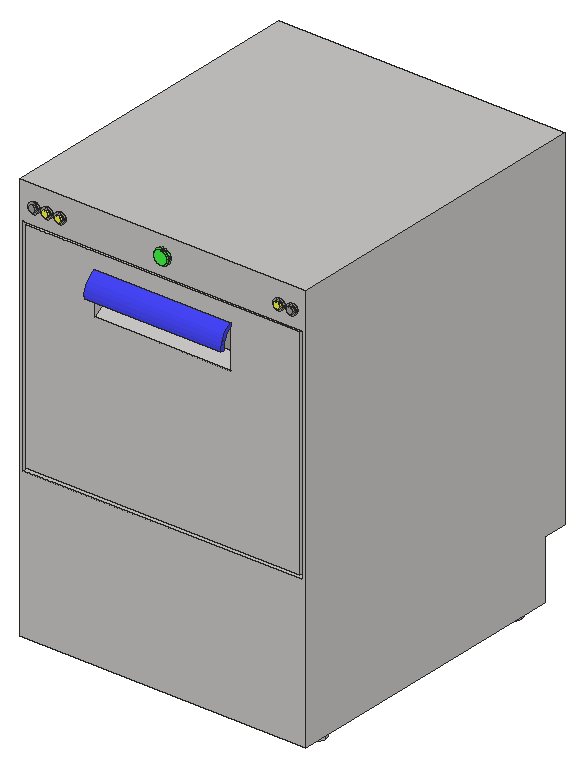
Revit family "QF_ZANUSSI_402279_ZXSG", category Specialty Equipment, Revit 2018
Family settings
  Round Connector Dimension = Use Diameter
  Part Type = Normal
  Work Plane-Based = No
  Always vertical = Yes
  Cut with Voids When Loaded = No
  Shared = No
  Room Calculation Point = No
Parameters
  Weight = 35.00 kg
  Watts = 0 W
  Volts = 0 V
  URL Manufacturer = ""
  URL = "http://professional.electrolux.com/"
  Steam Supply Size = 0 mm
  Steam Supply Minimum Pressure = 0.0 Pa
  Steam Supply Maximum Pressure = 0.0 Pa
  Steam Pounds per Hour = 0
  Show Logo [instance] = yes
  Show Clearance [instance] = yes
  Refrigeration Suction Line Size = 0 mm
  Refrigeration Liquid Line Size = 0 mm
  Refrigerant Compressor Remote = yes
  Manufacturer = ""
  Phase = 0
  Model = ""
  Length Actual = 440 mm  # constant formula
  Item Number = ""
  Hot Water Size = 0 mm
  Height Actual = 640 mm  # constant formula
  HP = "3.6 HP"
  Gas Size = 0 mm
  Gas KW = 0
  Gas Input Pressure = 0 W
  Direct Waste Size = 29 mm
  Description = ""
  Depth Actual = 497 mm  # constant formula
  Cycle = 0 Hz
  Condensate Return Size = 0 mm
  Compressed Air Volume = 0.0 L/s
  Compressed Air Size = 0 mm
  Compressed Air Pressure = 0.0 Pa
  Cold Water Size = 0 mm
  Accessory = yes
Types (2, lengths in mm): name | Volts | URL Manufacturer | URL | Manufacturer | Phase | Model | Item Number | Description | Cycle | Cold Water Size
  (no name) | 0 V | "" | "http://professional.electrolux.com/" | "" | 0 | "" | "" | "" | 0 Hz | 0
  Standard | 220 V | "http://professional.electrolux.com" | "http://professional.electrolux.com" | "Electrolux Professional" | 1 | "EXSG" | "402275" | "GLASSWASHER(XS), SINGLE SKIN, DRAIN PUMP, DETERGENT DISPENSER, 30B/H" | 50 Hz | 19.05
Reference planes
  plane 1 "Center (Front/Back)": y = 0
  plane 2: z = 0
  plane 3 "Center (Left/Right)": x = 0
  plane 4 "LEFT": x = -220
  plane 5 "RIGHT": x = 220
  plane 6 "FRONT": y = -248.5
  plane 7 "BACK": y = 248.5
  plane 8: z = 640
  plane 9: z = 10
  plane 10: y = 209.5
Forms (mm)
  Extrusion 1, solid, material "QF_Finishes_Stainless Steel"
    sketch origin (0, 0, 0) x (1, 0, 0) y (0, 1, 0)
      loop
        line (-220, -248.5) -> (220, -248.5) -> (220, 209.5) -> (-220, 209.5) -> (-220, -248.5)
    from 10 to 640
  Extrusion 2, solid, material "QF_Finishes_Stainless Steel"
    sketch origin (0, 0, 0) x (1, 0, 0) y (0, 1, 0)
      loop
        line (-220, 209.5) -> (220, 209.5) -> (220, 248.5) -> (-220, 248.5) -> (-220, 209.5)
    from 100 to 640
  Extrusion 3, solid, material "QF_Finishes_Stainless Steel"
    sketch origin (0, 0, 0) x (1, 0, 0) y (0, 1, 0)
      loop
        circle (-200.5, 174.5) r 12.5
      loop
        circle (200.5, 174.5) r 12.5
      loop
        circle (-200.5, -201.5) r 12.5
      loop
        circle (200.5, -201.5) r 12.5
    from 0 to 10
  Extrusion 4, void
    sketch origin (-220, -248.5, 0) x (-1, 0, 0) y (0, 0, 1)
      loop
        line (-5, 583.217) -> (-435, 583.217) -> (-435, 240) -> (-5, 240) -> (-5, 583.217)
    from 0 to 30
  Extrusion 5, solid, material "QF_Finishes_Stainless Steel"
    sketch origin (-155, -431, 752) x (0, 0, -1) y (1, 0, 0)
      loop
        circle (693, 223) r 10
    from -640.5 to -679.5
  Extrusion 6, solid, material "QF_Door-Drawer Clearances", visible <- "Show Clearance", detail levels coarse
    sketch origin (-230, -282.5, 0) x (0, 1, 0) y (0, 0, -1)
      loop
        line (34, -245) -> (-259, -245)
        arc (-259, -245) -> (-178.223, -469.983) -> (34, -580) r 327.223
        line (34, -580) -> (34, -245)
    from -20 to -440
  Extrusion 7, solid, material "QF_Finishes_Stainless Steel"
    sketch origin (-434.481, -431, 722) x (0, 0, -1) y (1, 0, 0)
      loop
        circle (663, 332.481) r 8
    from -640.5 to -679.5
  Extrusion 8, solid, material "QF_Finishes_Stainless Steel"
    sketch origin (-230, -282.5, 0) x (0, 1, 0) y (0, 0, -1)
      loop
        line (34, -245) -> (34, -580) -> (59, -580) -> (59, -245) -> (34, -245)
    from -19.799 to -440
  Extrusion 9, solid, material "QF_Finishes_Stainless Steel"
    sketch origin (-275, -431, 682.5) x (0, 0, -1) y (1, 0, 0)
      loop
        circle (663, 238) r 8
    from -640.5 to -679.5
  Extrusion 10, solid, material "QF_Finishes_Green"
    sketch origin (-230, -248.5, 0) x (1, 0, 0) y (0, 0, 1)
      loop
        circle (230, 610.819) r 12
      loop
        circle (230, 610.819) r 10
    from 0 to 2.5
  Extrusion 11, void
    sketch origin (-225.452, 209.5, 42.5) x (0, 1, 0) y (0, 0, 1)
      loop
        line (-458, 508.217) -> (-458, 447.5) -> (-436.349, 460) -> (-458, 508.217)
    from 120.452 to 330.452
  Extrusion 12, solid, material "QF_Finishes_Blue"
    sketch origin (-220, 209.5, 0) x (0, -1, 0) y (0, 0, 1)
      loop
        line (458, 555.863) -> (458, 550.513)
        arc (458, 550.513) -> (469.966, 539.801) -> (472.861, 524.005) r 24.803
        line (472.861, 524.005) -> (477.907, 524.005)
        arc (477.907, 524.005) -> (473.605, 543.465) -> (458, 555.863) r 29.803
    from -325 to -115
  Extrusion 13, solid, material "QF_Finishes_Green"
    sketch origin (234, -248.5, -28.75) x (-1, 0, 0) y (0, 0, -1)
      loop
        circle (234, -639.569) r 10
    from 0 to 5
  Extrusion 14, solid, material "QF_Finishes_Gray"
    sketch origin (109.577, -248.5, -30.575) x (-1, 0, 0) y (0, 0, -1)
      loop
        circle (306.936, -638.972) r 5
    from 0 to 5
  Extrusion 15, solid, material "QF_Finishes_Gray"
    sketch origin (-63.82, -248.5, -35.2) x (1, 0, 0) y (0, 0, 1)
      loop
        circle (262.936, 643.347) r 8
      loop
        circle (262.936, 643.347) r 5
      loop
        circle (242.936, 643.347) r 8
      loop
        circle (242.936, 643.347) r 5
    from 0 to 2.5
  Extrusion 16, solid, material "QF_Finishes_Gray"
    sketch origin (-87.82, -248.5, -30.825) x (1, 0, 0) y (0, 0, 1)
      loop
        circle (286.936, 638.972) r 5
    from 0 to 5
  Extrusion 17, solid, material "QF_Finishes_Gray"
    sketch origin (85.577, -248.5, -34.95) x (-1, 0, 0) y (0, 0, -1)
      loop
        circle (262.936, -643.347) r 8
      loop
        circle (262.936, -643.347) r 5
      loop
        circle (242.936, -643.347) r 8
      loop
        circle (242.936, -643.347) r 5
      loop
        circle (282.936, -643.347) r 8
      loop
        circle (282.936, -643.347) r 5
    from 0 to 2.5
  Extrusion 18, solid, material "QF_Finishes_Yellow"
    sketch origin (129.577, -248.5, -30.575) x (-1, 0, 0) y (0, 0, -1)
      loop
        circle (306.936, -638.972) r 5
    from 0 to 5
  Extrusion 19, solid, material "QF_Finishes_Yellow"
    sketch origin (149.577, -248.5, -30.575) x (-1, 0, 0) y (0, 0, -1)
      loop
        circle (306.936, -638.972) r 5
    from 0 to 5
  Extrusion 20, solid, material "QF_Finishes_Yellow"
    sketch origin (486.051, -248.5, -30.825) x (-1, 0, 0) y (0, 0, -1)
      loop
        circle (306.936, -638.972) r 5
    from 0 to 5
Cuts and joins
  Extrusion 4 cuts Extrusion 1
  joined: Extrusion 1, Extrusion 2
  Extrusion 11 cuts Extrusion 8
Lines and regions (mm)
  Split face 1
    outline origin (-220, -248.5, 640) x (0, 0, -1) y (1, 0, 0)
      loop
        line (56.783, 5) -> (56.783, 0)
      loop
        line (56.783, 435) -> (56.783, 440)
      loop
        line (22.034, 440) -> (22.034, 369.297)
        arc (22.034, 369.297) -> (22.64, 366.25) -> (24.366, 363.667) r 7.962
        line (24.366, 363.667) -> (44.289, 343.744)
        arc (44.289, 343.744) -> (46.135, 340.982) -> (46.783, 337.723) r 8.515
        line (46.783, 337.723) -> (46.783, 239.844)
        arc (46.783, 239.844) -> (46.096, 238.186) -> (44.439, 237.5) r 2.344
        line (44.439, 237.5) -> (15.017, 237.5)
        arc (15.017, 237.5) -> (12.73, 236.553) -> (11.783, 234.266) r 3.234
        line (11.783, 234.266) -> (11.783, 220) -> (11.783, 205.734)
        arc (11.783, 205.734) -> (12.73, 203.447) -> (15.017, 202.5) r 3.234
        line (15.017, 202.5) -> (44.439, 202.5)
        arc (44.439, 202.5) -> (46.096, 201.814) -> (46.783, 200.156) r 2.344
        line (46.783, 200.156) -> (46.783, 102.277)
        arc (46.783, 102.277) -> (46.135, 99.018) -> (44.289, 96.256) r 8.515
        line (44.289, 96.256) -> (24.366, 76.333)
        arc (24.366, 76.333) -> (22.64, 73.75) -> (22.034, 70.703) r 7.962
        line (22.034, 70.703) -> (22.034, 0)
  symbolic lines
    curve 1: line (-220, 248.5, 0) -> (220, 248.5, 0)
    curve 2: line (-220, -248.5, 0) -> (-220, 248.5, 0)
    curve 3: line (220, -248.5, 0) -> (-220, -248.5, 0)
    curve 4: line (220, 248.5, 0) -> (220, -248.5, 0)
    curve 8: line (-12, -251, 0) -> (12, -251, 0)
    curve 9: line (12, -251, 0) -> (12, -248.5, 0)
    curve 10: line (-12, -251, 0) -> (-12, -248.5, 0)
    curve 11: line (-10, -253.5, 0) -> (10, -253.5, 0)
    curve 12: line (10, -253.5, 0) -> (10, -251, 0)
    curve 13: line (-10, -253.5, 0) -> (-10, -251, 0)
    curve 16: line (-205.359, -251, 0) -> (-205.359, -248.5, 0)
    curve 17: line (-189.368, -251, 0) -> (-189.368, -248.5, 0)
    curve 18: line (-202.346, -253.5, 0) -> (-192.355, -253.5, 0)
    curve 19: line (-192.355, -253.5, 0) -> (-192.355, -251, 0)
    curve 20: line (-202.346, -253.5, 0) -> (-202.346, -251, 0)
    curve 21: line (-185.355, -251, 0) -> (-169.355, -251, 0)
    curve 22: line (-169.355, -251, 0) -> (-169.355, -248.5, 0)
    curve 23: line (-185.355, -251, 0) -> (-185.355, -248.5, 0)
    curve 24: line (-182.355, -253.5, 0) -> (-172.355, -253.5, 0)
    curve 25: line (-172.355, -253.5, 0) -> (-172.355, -251, 0)
    curve 26: line (-182.355, -253.5, 0) -> (-182.355, -251, 0)
    curve 27: line (-165.355, -251, 0) -> (-149.355, -251, 0)
    curve 28: line (-149.355, -251, 0) -> (-149.355, -248.5, 0)
    curve 29: line (-165.355, -251, 0) -> (-165.355, -248.5, 0)
    curve 30: line (-162.355, -253.5, 0) -> (-152.355, -253.5, 0)
    curve 31: line (-152.355, -253.5, 0) -> (-152.355, -251, 0)
    curve 32: line (-162.355, -253.5, 0) -> (-162.355, -251, 0)
    curve 33: line (171.115, -251, 0) -> (187.115, -251, 0)
    curve 34: line (187.115, -251, 0) -> (187.115, -248.5, 0)
    curve 35: line (174.115, -253.5, 0) -> (184.115, -253.5, 0)
    curve 36: line (184.115, -253.5, 0) -> (184.115, -251, 0)
    curve 37: line (174.115, -253.5, 0) -> (174.115, -251, 0)
    curve 38: line (171.115, -251, 0) -> (171.115, -248.5, 0)
    curve 39: line (191.115, -251, 0) -> (207.115, -251, 0)
    curve 40: line (207.115, -251, 0) -> (207.115, -248.5, 0)
    curve 41: line (194.115, -253.5, 0) -> (204.115, -253.5, 0)
    curve 42: line (204.115, -253.5, 0) -> (204.115, -251, 0)
    curve 43: line (194.115, -253.5, 0) -> (194.115, -251, 0)
    curve 44: line (191.115, -251, 0) -> (191.115, -248.5, 0)
    curve 45: line (-105, -248.5, 0) -> (-105, -268.634, 0)
    curve 46: line (105, -248.5, 0) -> (105, -268.634, 0)
    curve 47: line (105, -268.634, 0) -> (-105, -268.634, 0)
  symbolic lines, style "QF_Door-Drawer Clearances"
    curve 5: line (-210, -541.5, 0) -> (210, -541.5, 0)
    curve 6: line (210, -541.5, 0) -> (210, -248.5, 0)
    curve 7: line (-210, -541.5, 0) -> (-210, -248.5, 0)
  symbolic lines, style "SpecialityEquipmentHiddenLines"
    curve 14: line (-220, 209.5, 0) -> (220, 209.5, 0)
  symbolic lines, style "SpecialityEquipment"
    curve 15: line (-205.359, -251, 0) -> (-189.368, -251, 0)
Dimensions and locks
  equal spacing: plane 4 "LEFT", plane 3 "Center (Left/Right)", plane 5 "RIGHT"
  equal spacing: plane 7 "BACK", plane 1 "Center (Front/Back)", plane 6 "FRONT"
  plane 7 "BACK" to plane 6 "FRONT" = 497 mm
  plane 4 "LEFT" to plane 5 "RIGHT" = 440 mm
  locked: plane 9 to level at 10
  plane 4 "LEFT" to plane 3 "Center (Left/Right)" = 220 mm
  plane 8 to level = 640 mm  (x2)
  level to Extrusion 9 sketch curve = 19.5 mm
  Extrusion 9 sketch curve to plane 4 "LEFT" = 183 mm
  level to Extrusion 5 sketch curve = 59 mm
  Extrusion 5 sketch curve to plane 4 "LEFT" = 288 mm
  Extrusion 7 sketch curve to plane 4 "LEFT" = 118 mm
  level to Extrusion 7 sketch curve = 59 mm
  Extrusion 3 to cut or joined group of Extrusion 1, Extrusion 2, Extrusion 4 = 74 mm
  Extrusion 3 to Extrusion 3 = 376 mm
  plane 6 "FRONT" to Extrusion 3 = 47 mm
  plane 1 "Center (Front/Back)" to plane 6 "FRONT" = 248.5 mm
  locked: plane 7 "BACK" to plane 10 at 39
  plane 6 "FRONT" to curve 5 = 293 mm
  Extrusion 8 to cut or joined group of Extrusion 1, Extrusion 2, Extrusion 4 = 340 mm
  aligned and locked: level to plane 2
  aligned and locked: Extrusion 1 sketch curve to plane 6 "FRONT"
  aligned and locked: Extrusion 1 sketch curve to plane 4 "LEFT"
  aligned and locked: plane 5 "RIGHT" to Extrusion 1 sketch curve
  aligned and locked: Extrusion 1 to plane 9
  aligned and locked: Extrusion 2 sketch curve to Extrusion 1
  aligned and locked: plane 7 "BACK" to Extrusion 2 sketch curve
  aligned and locked: plane 5 "RIGHT" to Extrusion 2 sketch curve
  aligned and locked: plane 9 to Extrusion 3
  aligned and locked: cut or joined group of Extrusion 1, Extrusion 2, Extrusion 4 to plane 10
Automatic sketch dimensions
  Extrusion 11 sketch curve to plane 6 "FRONT" = 0 mm
  plane 6 "FRONT" to Extrusion 11 sketch curve = 21.651 mm
  Extrusion 11 sketch curve to plane 8 = 150 mm
  Extrusion 11 sketch curve to Extrusion 11 sketch curve = 12.5 mm
  Extrusion 11 sketch curve to Extrusion 11 sketch curve = 48.217 mm
  Extrusion 13 sketch curve to Extrusion 13 sketch curve = 0 mm  (x2)
  Extrusion 13 sketch curve to plane 3 "Center (Left/Right)" = 0 mm
  Extrusion 13 sketch curve to plane 8 = 29.181 mm
  plane 3 "Center (Left/Right)" to Extrusion 13 sketch curve = 10 mm
  Extrusion 14 sketch curve to Extrusion 14 sketch curve = 0 mm  (x2)
  Extrusion 14 sketch curve to plane 8 = 31.603 mm
  Extrusion 14 sketch curve to plane 3 "Center (Left/Right)" = 197.359 mm
  Extrusion 14 sketch curve to Extrusion 14 sketch curve = 5 mm
  Extrusion 15 sketch curve to Extrusion 15 sketch curve = 0 mm  (x5)
  plane 3 "Center (Left/Right)" to Extrusion 15 sketch curve = 179.115 mm
  Extrusion 15 sketch curve to Extrusion 15 sketch curve = 20 mm
  Extrusion 15 sketch curve to plane 8 = 31.853 mm
  Extrusion 16 sketch curve to plane 8 = 31.853 mm
  plane 3 "Center (Left/Right)" to Extrusion 16 sketch curve = 199.115 mm
  Extrusion 16 sketch curve to Extrusion 16 sketch curve = 5 mm
  Extrusion 17 sketch curve to Extrusion 17 sketch curve = 0 mm  (x8)
  Extrusion 17 sketch curve to plane 3 "Center (Left/Right)" = 157.359 mm
  Extrusion 17 sketch curve to Extrusion 17 sketch curve = 20 mm  (x2)
  Extrusion 17 sketch curve to plane 8 = 31.603 mm
  Extrusion 18 sketch curve to Extrusion 18 sketch curve = 0 mm  (x2)
  Extrusion 18 sketch curve to plane 8 = 31.603 mm
  Extrusion 18 sketch curve to plane 3 "Center (Left/Right)" = 177.359 mm
  Extrusion 18 sketch curve to Extrusion 18 sketch curve = 5 mm
  Extrusion 19 sketch curve to Extrusion 19 sketch curve = 0 mm  (x2)
  Extrusion 19 sketch curve to plane 3 "Center (Left/Right)" = 157.359 mm
  Extrusion 19 sketch curve to plane 8 = 31.603 mm
  Extrusion 19 sketch curve to Extrusion 19 sketch curve = 5 mm
  Extrusion 20 sketch curve to Extrusion 20 sketch curve = 0 mm  (x2)
  plane 3 "Center (Left/Right)" to Extrusion 20 sketch curve = 179.115 mm
  Extrusion 20 sketch curve to plane 8 = 31.853 mm
  Extrusion 20 sketch curve to Extrusion 20 sketch curve = 5 mm
  Extrusion 6 sketch curve to plane 6 "FRONT" = 0 mm
  Extrusion 6 sketch curve to plane 6 "FRONT" = 293 mm
  plane 6 "FRONT" to Extrusion 6 sketch curve = 34.083 mm
  Extrusion 6 sketch curve to plane 8 = 60 mm
  level to Extrusion 6 sketch curve = 254.557 mm
  Extrusion 1 sketch curve to plane 10 = 0 mm
  Extrusion 2 sketch curve to plane 10 = 0 mm
  plane 4 "LEFT" to Extrusion 3 sketch curve = 19.5 mm  (x2)
  Extrusion 3 sketch curve to plane 5 "RIGHT" = 19.5 mm  (x2)
  plane 6 "FRONT" to Extrusion 3 sketch curve = 47 mm  (x2)
  Extrusion 3 sketch curve to plane 10 = 35 mm  (x2)
  Extrusion 4 sketch curve to Extrusion 1 = 5 mm  (x2)
  Extrusion 4 sketch curve to Extrusion 1 = 230 mm
  Extrusion 4 sketch curve to Extrusion 1 = 56.783 mm
  Extrusion 8 sketch curve to plane 6 "FRONT" = 0 mm
  Extrusion 8 sketch curve to Extrusion 8 sketch curve = 25 mm
  Extrusion 8 sketch curve to plane 8 = 60 mm
  plane 9 to Extrusion 8 sketch curve = 235 mm
  Extrusion 10 sketch curve to Extrusion 10 sketch curve = 0 mm  (x2)
  Extrusion 1 to Extrusion 10 sketch curve = 29.181 mm
  Extrusion 1 to Extrusion 10 sketch curve = 220 mm
  Extrusion 12 sketch curve to Extrusion 12 sketch curve = 0 mm  (x2)
  Extrusion 12 sketch curve to Extrusion 1 = 0 mm
  Extrusion 12 sketch curve to Extrusion 1 = 9.669 mm
  Extrusion 1 to Extrusion 12 sketch curve = 14.861 mm
  Extrusion 12 sketch curve to Extrusion 12 sketch curve = 5.046 mm
  Extrusion 1 to Extrusion 12 sketch curve = 115.995 mm
  Extrusion 12 sketch curve to Extrusion 12 sketch curve = 3.668 mm
  cut or joined group of Extrusion 1, Extrusion 2, Extrusion 4 to Split face 1 sketch curve = 0 mm  (x2)
  Split face 1 sketch curve to cut or joined group of Extrusion 1, Extrusion 2, Extrusion 4 = 0 mm  (x6)
  cut or joined group of Extrusion 1, Extrusion 2, Extrusion 4 to Split face 1 sketch curve = 10 mm  (x2)
  Split face 1 sketch curve to Split face 1 sketch curve = 2.344 mm  (x2)
  Split face 1 sketch curve to Split face 1 sketch curve = 2.494 mm  (x2)
  Split face 1 sketch curve to Split face 1 sketch curve = 8.515 mm  (x2)
  cut or joined group of Extrusion 1, Extrusion 2, Extrusion 4 to Split face 1 sketch curve = 26.786 mm  (x2)
  Split face 1 sketch curve to Split face 1 sketch curve = 5.63 mm  (x2)
  Split face 1 sketch curve to Split face 1 sketch curve = 2.332 mm  (x2)
  Split face 1 sketch curve to cut or joined group of Extrusion 1, Extrusion 2, Extrusion 4 = 15.017 mm  (x2)
  Split face 1 sketch curve to cut or joined group of Extrusion 1, Extrusion 2, Extrusion 4 = 11.783 mm
  Split face 1 sketch curve to cut or joined group of Extrusion 1, Extrusion 2, Extrusion 4 = 65.703 mm
  Split face 1 sketch curve to Split face 1 sketch curve = 19.923 mm  (x2)
  Split face 1 sketch curve to Split face 1 sketch curve = 97.879 mm
  Split face 1 sketch curve to Split face 1 sketch curve = 14.266 mm  (x2)
  Split face 1 sketch curve to cut or joined group of Extrusion 1, Extrusion 2, Extrusion 4 = 97.277 mm
  curve 1 to plane 4 "LEFT" = 0 mm
  curve 7 to plane 6 "FRONT" = 0 mm
  curve 3 to plane 5 "RIGHT" = 0 mm
  curve 14 to plane 10 = 0 mm
  curve 2 to plane 7 "BACK" = 0 mm
  plane 4 "LEFT" to curve 5 = 10 mm
  curve 15 to plane 6 "FRONT" = 2.5 mm
  curve 7 to curve 15 = 4.641 mm
  curve 15 to curve 20 = 3.013 mm
  curve 18 to curve 18 = 9.991 mm
  curve 19 to curve 15 = 2.987 mm
  curve 15 to curve 21 = 4.013 mm
  curve 21 to curve 26 = 3 mm
  curve 24 to plane 6 "FRONT" = 5 mm
  curve 24 to curve 24 = 10 mm
  curve 25 to curve 22 = 3 mm
  curve 21 to curve 29 = 4 mm
  curve 27 to curve 32 = 3 mm
  curve 31 to plane 6 "FRONT" = 5 mm
  curve 30 to curve 31 = 10 mm
  curve 31 to curve 27 = 3 mm
  curve 8 to plane 6 "FRONT" = 2.5 mm
  curve 8 to plane 3 "Center (Left/Right)" = 12 mm
  curve 8 to curve 11 = 2 mm
  plane 3 "Center (Left/Right)" to curve 12 = 10 mm
  curve 12 to curve 9 = 2 mm
  curve 33 to plane 6 "FRONT" = 2.5 mm
  curve 33 to plane 5 "RIGHT" = 48.885 mm
  curve 33 to curve 37 = 3 mm
  curve 35 to plane 6 "FRONT" = 5 mm
  curve 35 to curve 35 = 10 mm
  curve 36 to curve 34 = 3 mm
  curve 33 to curve 39 = 4 mm
  curve 39 to curve 43 = 3 mm
  curve 42 to plane 6 "FRONT" = 5 mm
  curve 41 to curve 42 = 10 mm
  curve 42 to curve 39 = 3 mm
  curve 6 to plane 5 "RIGHT" = 10 mm
  curve 11 to curve 13 = 2.5 mm
  curve 20 to curve 20 = 2.5 mm
  curve 44 to plane 6 "FRONT" = 2.5 mm
  curve 21 to plane 6 "FRONT" = 2.5 mm
  curve 27 to plane 6 "FRONT" = 2.5 mm
  curve 27 to curve 45 = 44.355 mm
  curve 46 to plane 6 "FRONT" = 20.134 mm
  curve 46 to curve 33 = 66.115 mm
  radius of Extrusion 5 sketch curve = 10 mm
  radius of Extrusion 7 sketch curve = 8 mm
  radius of Extrusion 9 sketch curve = 8 mm
  radius of Extrusion 15 sketch curve = 8 mm  (x2)
  radius of Extrusion 15 sketch curve = 5 mm  (x2)
  radius of Extrusion 17 sketch curve = 8 mm  (x3)
  radius of Extrusion 17 sketch curve = 5 mm  (x3)
  radius of Extrusion 3 sketch curve = 12.5 mm  (x4)
  radius of Extrusion 10 sketch curve = 12 mm
  radius of Extrusion 10 sketch curve = 10 mm
Connectors
  piping at (68, 248.5, 59), diameter 20
    settings: on Extrusion 5, index 1, connector inside diameter 609.6 mm, connector length 0 mm, flow factor 0, pipe flow 0.0 L/s, pressure drop 0.0 Pa, fitting loss kfactor 0, connector angle 0.00°, fixture units 0, engagement length 0 mm, angle of deflection 0.00°, flow configuration 1, flow direction 1, fitting loss method 0, system type 16, joint type 0, gender type 0, connector reference index -1, connector utility 0, adjustable connector no, is connector primary yes, connector description "Drain"
  piping at (-102, 248.5, 59), driven by "Cold Water Size"
    settings: on Extrusion 7, index 3, connector diameter 0 mm, connector inside diameter 609.6 mm, connector length 0 mm, flow factor 0, pipe flow 0.0 L/s, pressure drop 0.0 Pa, fitting loss kfactor 0, connector angle 0.00°, fixture units 0, engagement length 0 mm, angle of deflection 0.00°, flow configuration 1, flow direction 1, fitting loss method 0, system type 20, joint type 0, gender type 0, connector reference index -1, connector utility 0, adjustable connector no, is connector primary no, connector description "Cold Water Inlet"
  electrical at (-37, 248.5, 19.5), driven by "Volts"
    settings: on Extrusion 9, index 4, voltage 0 V, apparent load 0 VA, apparent load phase1 0 VA, apparent load phase2 0 VA, apparent load phase3 0 VA, power factor 1, load classification "Altro", number of poles 1, system type 31, power factor state 1, is connector primary yes, connector utility no, sub classification motor no, connector description "Electrical Connection"
